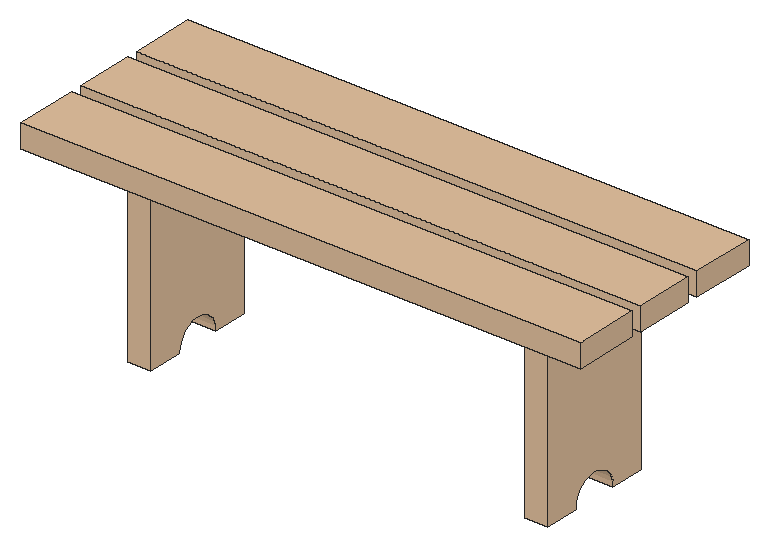
Revit family "Bench-Locker Room", category Furniture, Revit 2018
Family settings
  OmniClass Number = 23.40.20.14.14.21
  OmniClass Title = Benches
  Work Plane-Based = No
  Always vertical = Yes
  Cut with Voids When Loaded = No
  Shared = Yes
  Room Calculation Point = No
Parameters (values of type "48" x 18" x 18"")
  Assembly Code = "E2020200"
  Bench Material = Cherry
  Depth = 1' - 6"
  Height = 1' - 6"
  Width = 4' - 0"
Types (4): name | Height | Width
  (no name) | 1' - 6" | 4' - 0"
  48" x 18" x 14" | 1' - 2" | 4' - 0"
  48" x 18" x 18" | 1' - 6" | 4' - 0"
  60" x 18" x 18" | 1' - 6" | 5' - 0"
Reference planes (in)
  plane 1 "Center (Front/Back)": y = -7.11475
  plane 2: z = 0
  plane 3 "Center (Left/Right)": x = -6.11475
  plane 4: y = 1.88525
  plane 5: y = -16.11475
  plane 6: x = 17.88525
  plane 7: x = -30.11475
  plane 8: y = -2.11475
  plane 9: y = -12.11475
  plane 10: y = -12.11475
  plane 11: y = -2.11475
  plane 12: y = -4.11475
  plane 13: y = -10.11475
Forms (in)
  Extrusion 1, solid, material "Cherry" <- "Bench Material"
    sketch origin (0, 0, 0) x (1, 0, 0) y (0, 1, 0)
      loop
        line (-30.11475, 1.88525) -> (-30.11475, -3.61475) -> (17.88525, -3.61475) -> (17.88525, 1.88525) -> (-30.11475, 1.88525)
      loop
        line (-30.11475, -16.11475) -> (17.88525, -16.11475) -> (17.88525, -10.61475) -> (-30.11475, -10.61475) -> (-30.11475, -16.11475)
      loop
        line (-30.11475, -4.61475) -> (-30.11475, -9.61475) -> (17.88525, -9.61475) -> (17.88525, -4.61475) -> (-30.11475, -4.61475)
    from 16 to 18
  Extrusion 2, solid, material "Cherry" <- "Bench Material"
    sketch origin (-30.11475, 1.88525, 18) x (0, 0, -1) y (0, -1, 0)
      loop
        line (2, 4) -> (18, 4) -> (18, 7)
        arc (18, 7) -> (16, 9) -> (18, 11) r 2
        line (18, 11) -> (18, 14) -> (2, 14) -> (2, 4)
    from -6 to -8
  Extrusion 3, solid, material "Cherry" <- "Bench Material"
    sketch origin (17.88525, -3.61475, 18) x (0, 0, -1) y (0, 1, 0)
      loop
        line (2, -8.5) -> (18, -8.5) -> (18, -5.5)
        arc (18, -5.5) -> (16, -3.5) -> (18, -1.5) r 2
        line (18, -1.5) -> (18, 1.5) -> (2, 1.5) -> (2, -8.5)
    from -6 to -8
Lines and regions (in)
  Masking region 1
    outline origin (0, 0, 0) x (1, 0, 0) y (0, 1, 0)
      loop
        line (-30.11475, 1.88525) -> (-30.11475, -16.11475) -> (17.88525, -16.11475) -> (17.88525, 1.88525) -> (-30.11475, 1.88525)
  symbolic lines
    curve 1: line (-30.11475, -3.61475, 0) -> (17.88525, -3.61475, 0)
    curve 2: line (-30.11475, -4.61475, 0) -> (17.88525, -4.61475, 0)
    curve 3: line (-30.11475, -10.61475, 0) -> (17.88525, -10.61475, 0)
    curve 4: line (-30.11475, -9.61475, 0) -> (17.88525, -9.61475, 0)
Dimensions and locks (in)
  equal spacing: plane 7, plane 3 "Center (Left/Right)", plane 6
  equal spacing: plane 5, plane 1 "Center (Front/Back)", plane 4
  "Width": plane 7 to plane 6
  "Depth": plane 5 to plane 4
  "Height": Extrusion 1 to plane 2
  locked: Extrusion 1 to Extrusion 1 at 2
  locked: plane 4 to plane 8 at 4
  locked: plane 9 to plane 5 at 4
  locked: plane 5 to plane 10 at 4
  locked: plane 11 to plane 4 at 4
  equal spacing: plane 5, plane 13, plane 12, plane 4
  Extrusion 1 sketch curve to plane 12 to Extrusion 1 sketch curve = 0' - 0 1/2", 0' - 0 1/2"
  Extrusion 1 sketch curve to plane 13 to Extrusion 1 sketch curve = 0' - 0 1/2", 0' - 0 1/2"
  aligned and locked: plane 9 to Extrusion 2 sketch curve
  aligned and locked: Extrusion 2 sketch curve to Extrusion 1
  aligned and locked: plane 10 to Extrusion 3 sketch curve
  aligned and locked: plane 11 to Extrusion 3 sketch curve
  aligned and locked: Extrusion 3 sketch curve to Extrusion 1
  aligned and locked: Masking region 1 sketch curve to plane 7
  aligned and locked: plane 6 to Masking region 1 sketch curve
  aligned and locked: plane 4 to Masking region 1 sketch curve
  aligned and locked: Masking region 1 sketch curve to plane 5
  aligned and locked: curve 1 to Extrusion 1
  aligned and locked: curve 2 to Extrusion 1
  aligned and locked: curve 3 to Extrusion 1
  aligned and locked: curve 4 to Extrusion 1
Automatic sketch dimensions
  Extrusion 2 sketch curve to plane 8 = 0' - 0"
  Extrusion 2 sketch curve to level = 0' - 0"
  Extrusion 2 sketch curve to plane 1 "Center (Front/Back)" = 0' - 0"
  Extrusion 2 sketch curve to Extrusion 2 sketch curve = 0' - 3"
  Extrusion 3 sketch curve to level = 0' - 0"
  Extrusion 3 sketch curve to plane 1 "Center (Front/Back)" = 0' - 0"
  Extrusion 3 sketch curve to Extrusion 3 sketch curve = 0' - 3"
  Extrusion 1 sketch curve to plane 7 = 0' - 0"  (x3)
  Extrusion 1 sketch curve to plane 6 = 0' - 0"  (x3)
  Extrusion 1 sketch curve to plane 5 = 0' - 0"
  Extrusion 1 sketch curve to plane 4 = 0' - 0"
  curve 4 to plane 7 = 0' - 0"
  curve 2 to plane 7 = 0' - 0"
  curve 3 to plane 7 = 0' - 0"
  curve 1 to plane 7 = 0' - 0"
  curve 3 to plane 6 = 0' - 0"
  curve 2 to plane 6 = 0' - 0"
  curve 4 to plane 6 = 0' - 0"
  curve 1 to plane 6 = 0' - 0"
